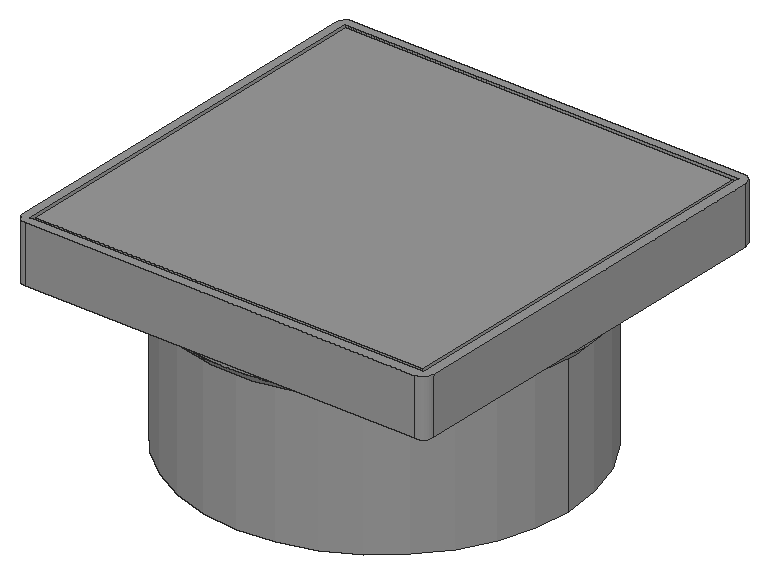
Revit family "HL_RU_Drainage and inspection chamber_HL635N-A-221005", category Instalační zařizovací předměty, Revit 2021
Family settings
  Kóta kulaté spojky = Použít průměr
  Typ dílu = Normální
  Číslo OmniClass = 23.70.50.21.24.14
  Nadpis OmniClass = Deck Waste Water Drains
  Založené na pracovní rovině = Ne
  Vždy vertikální = Ano
  Ořezat dutým tvarem při načtení = Ne
  Sdílené = Ne
  Bod výpočtu místnosti = Ano
Parameters (values of type "HL_Дренажный и инспекционный колодец для_HL635N")
  РЕШЁТКА = "Kunststoff 368x368mm"
  РАЗМЕР = "390x390x205mm"
  ПРОПУСКНАЯ СПОСОБНОСТЬ [instance] = 0.0 L/s
  ПРАВОВАЯ ИНФОРМАЦИЯ = "Авторские права(©), права на дизайн или какие либо другие права интелектуальной собственности являются исключительной собственностью компании HL Hutterer & Lechner. Изменению не подлежит. Файл семейства с данными о прозводителе изделия защищен паролем с водяным знаком."
  НОРМЫ = "EN1986-3/ EN1253-2"
  НОМИНАЛЬНЫЙ ДИАМЕТР = 350 mm
  МАТЕРИАЛ = "EPS/ PP"
  МАКСИМАЛЬНАЯ НАГРУЗКА КЛАССА = "K3 - max. 300kg"
  ВЫСОТА МОНТАЖА = "70 - 205mm"
  ВЕС = "2,45kg"
  Výrobce = "HL Hutterer & Lechner GmbH"
  URL = "http://www.hutterer-lechner.com/ru/products/catalog/roof-drains/HL635N.aspx"
  Материал плитка [instance] = none
  Přípoj ventilace = no
  Přípoj odpadních dílů = yes
  Přípoj HW = no
  Výchozí výška = 0 mm
  Přípoj CW = no
  Popis = "крыша"
  Model = "HL635N"
  Assembly Code = " "
  Komentáře k typům = "Дренажный и инспекционный колодец для \"зелёных\" и эксплуатируемых кровель и кровель с пригрузом из гравия, с пластиковым подрамником и пластиковой решёткой"
  Keynote = "HL635N"
  Высота монтажа [instance] = 205 mm
  G [instance] = 180.00°  # constant formula
  EAN = "9003076032228"
  D [instance] = Высота монтажа - 50 mm  # 155 mm
  C [instance] = 32 mm  # constant formula
  B [instance] = 50 mm  # constant formula
  A [instance] = if(B - 100 mm > 15 mm, B - 100 mm, 15 mm)  # 15 mm
Reference planes
  plane 1 "Center (Front/Back)": y = 0
  plane 2: z = 0
  plane 3 "Center (Left/Right)": x = 0
  plane 4: z = -50
  plane 5: z = -205
Lines and regions (mm)
  model lines, style "InvisibleLines"
    curve 1: line (0, 0, 0) -> (0, 0, 20)
  model lines, style "PlumbingFixtures", detail levels coarse+medium
    curve 2: line (0, 0, -50) -> (0, 0, -35)
    curve 3: line (0, 0, -35) -> (-35, 0, 0)
    curve 4: line (0, 0, -35) -> (35, 0, 0)
    curve 6: line (0, 0, -50) -> (0, 0, -205)
  reference lines, not visible
    curve 5: line (0, 0, -50) -> (0, 0, -205)
  symbolic lines, style "PlumbingFixtures", detail levels coarse+medium
    curve 7: line (-75, 75, 0) -> (75, 75, 0)
    curve 8: line (-75, -75, 0) -> (-75, 75, 0)
    curve 9: line (75, -75, 0) -> (-75, -75, 0)
    curve 10: line (75, 75, 0) -> (75, -75, 0)
    curve 11: line (-75, 75, 0) -> (-145.711, 145.711, 0)
    curve 12: line (75, 75, 0) -> (145.711, 145.711, 0)
    curve 13: line (-75, -75, 0) -> (-145.711, -145.711, 0)
    curve 14: line (75, -75, 0) -> (145.711, -145.711, 0)
  symbolic lines, style "PlumbingFixtures", not visible, detail levels coarse+medium
    curve 15: line (-75, 75, 0) -> (75, 75, 0)
    curve 16: line (-75, -75, 0) -> (-75, 75, 0)
    curve 17: line (75, -75, 0) -> (-75, -75, 0)
    curve 18: line (75, 75, 0) -> (75, -75, 0)
    curve 19: line (-75, 75, 0) -> (-145.711, 145.711, 0)
    curve 20: line (75, 75, 0) -> (145.711, 145.711, 0)
    curve 21: line (-75, -75, 0) -> (-145.711, -145.711, 0)
    curve 22: line (75, -75, 0) -> (145.711, -145.711, 0)
Text (mm)
  text "FLOOR" at (-162.344, 0, -10.979), in view "вид строительства"
Dimensions and locks
  "B": plane 2 to plane 4
  "Высота монтажа": plane 2 to plane 5
  "A": curve 4 to plane 4
  "D": curve 5 to curve 5
  "D": curve 6 to curve 6
  locked: curve 4 to plane 3 "Center (Left/Right)" (angle 45.00°)
  locked: plane 3 "Center (Left/Right)" to curve 3 (angle 45.00°)
  "G": angle curve 5 to plane 3 "Center (Left/Right)"
  aligned and locked: level to plane 2
  aligned and locked: plane 2 to curve 4
  aligned and locked: plane 2 to curve 3
  aligned and locked: plane 4 to curve 5
  aligned and locked: plane 3 "Center (Left/Right)" to curve 5
  aligned and locked: plane 4 to curve 2
  aligned and locked: curve 6 to plane 3 "Center (Left/Right)"
  aligned and locked: curve 6 to plane 4
  aligned and locked: plane 3 "Center (Left/Right)" to nested 2
  aligned and locked: plane 3 "Center (Left/Right)" to nested 1
  aligned and locked: nested 1 to plane 2
  aligned and locked: nested 2 to plane 2
Automatic sketch dimensions
  curve 2 to plane 3 "Center (Left/Right)" = 0 mm
  curve 1 to plane 3 "Center (Left/Right)" = 0 mm
  curve 1 to level = 0 mm
  level to curve 1 = 20 mm
Nested families
  nested 1: "HL-Дренажный и инспекционный колодец для-HL635N" at (0, 0, 0), Высота монтажа <- "Высота монтажа", type "HL-Дренажный и инспекционный колодец для-HL635N"
    with Высота монтажа минимум 70 mm, Высота монтажа максимум 205 mm, Высота монтажа 205 mm, Z 136 mm, Y 69 mm, X 205 mm
  nested 2: "HL-Пластиковая решётка-HL0635N.1" at (0, 0, 0), type "HL-Пластиковая решётка-HL0635N.1"
    with Пропускная способность 0.0 L/s
Connectors
  piping at (0, 0, -205), diameter 350, driven by "ПРОПУСКНАЯ СПОСОБНОСТЬ", driven by "НОМИНАЛЬНЫЙ ДИАМЕТР"
    settings: on curve 5, index 1, connector inside diameter 609.6 mm, connector length 0 mm, flow factor 0, pipe flow 0.0 L/s, pressure drop 0.0 Pa, fitting loss kfactor 0, connector angle 0.00°, fixture units 0, engagement length 0 mm, angle of deflection 0.00°, flow configuration 1, flow direction 2, fitting loss method 0, system type 16, joint type 0, gender type 0, connector reference index -1, connector utility 0, adjustable connector yes, is connector primary yes, connector description ""
Definition of nested family "HL-Дренажный и инспекционный колодец для-HL635N"
  Parameters (values of type "HL-Дренажный и инспекционный колодец для-HL635N")
    РЕШЁТКА = "Kunststoff 368x368mm"
    РАЗМЕР = "390x390x205mm"
    ПРАВОВАЯ ИНФОРМАЦИЯ = "Авторские права(©), права на дизайн или какие либо другие права интелектуальной собственности являются исключительной собственностью компании HL Hutterer & Lechner. Изменению не подлежит. Файл семейства с данными о прозводителе изделия защищен паролем с водяным знаком."
    НОРМЫ = "EN1986-3/ EN1253-2"
    МАТЕРИАЛ = "EPS/ PP"
    МАКСИМАЛЬНАЯ НАГРУЗКА КЛАССА = "K3 - max. 300kg"
    ВЫСОТА МОНТАЖА = "70 - 205mm"
    ВЕС = "2,45kg"
    Z [instance] = X - 69 mm  # 136 mm
    Y [instance] = 69 mm  # constant formula
    X [instance] = if(Высота монтажа > Высота монтажа максимум, -10 mm, if(Высота монтажа < Высота монтажа минимум, -10 mm, Высота монтажа))  # 205 mm
    Height = 0 mm
    Manufacturer = "HL Hutterer & Lechner GmbH"
    URL = "http://www.hutterer-lechner.com/ru/products/catalog/roof-drains/HL635N.aspx"
    Высота монтажа [instance] = 205 mm
    Keynote = "HL635N"
    Высота монтажа минимум [instance] = 70 mm
    Высота монтажа максимум [instance] = 205 mm
    Description = "крыша"
    Model = "HL635N"
    Type Comments = "Дренажный и инспекционный колодец для \"зелёных\" и эксплуатируемых кровель и кровель с пригрузом из гравия, с пластиковым подрамником и пластиковой решёткой"
    Default Elevation = 0 mm
    EAN = "9003076032228"
    Cost = 0
  Reference planes
    plane 1 "Střed (vpředu/vzadu)": y = 0
    plane 2: z = 0
    plane 3 "Střed (vlevo/vpravo)": x = 0
    plane 4: z = -205
    plane 5: z = -53.5
    plane 6: z = -69
    plane 7: z = -26.095
  Forms (mm)
    Extrusion 1, solid, detail levels fine
      sketch origin (0, 0, 0) x (1, 0, 0) y (0, 1, 0)
        loop
          line (-187.002, 187.005) -> (-187.002, -186.995) -> (186.998, -186.995) -> (186.998, 187.005) -> (-187.002, 187.005)
        loop
          arc (-195.002, -184.995) -> (-192.073, -192.066) -> (-185.002, -194.995) r 10
          line (-185.002, -194.995) -> (184.998, -194.995)
          arc (184.998, -194.995) -> (192.069, -192.066) -> (194.998, -184.995) r 10
          line (194.998, -184.995) -> (194.998, 185.005)
          arc (194.998, 185.005) -> (192.069, 192.076) -> (184.998, 195.005) r 10
          line (184.998, 195.005) -> (-185.002, 195.005)
          arc (-185.002, 195.005) -> (-192.073, 192.076) -> (-195.002, 185.005) r 10
          line (-195.002, 185.005) -> (-195.002, -184.995)
      from -53.5 to 0
    Revolve 2, solid, detail levels fine
      sketch origin (-71, 0, -288.3) x (0, 0, 1) y (-1, 0, 0)
        loop
          line (219.415, 110.627) -> (219.415, 104) -> (83.3, 104) -> (83.3, 89) -> (229.138, 89) -> (229.138, 85.301) -> (234.8, 85.301) -> (234.8, 119.6) -> (228.387, 119.6) -> (219.415, 110.627)
        axis (234.8, -71) -> (83.3, -71)
      angle from 0 to 360
    Extrusion 3, solid, detail levels fine
      sketch origin (0, 0, 0) x (1, 0, 0) y (0, 1, 0)
        loop
          arc (-187.002, 36.861) -> (-134.768, 134.781) -> (-36.843, 187.005) r 190.6
          line (-36.843, 187.005) -> (-187.002, 187.005) -> (-187.002, 36.861)
        loop
          arc (36.843, 187.005) -> (134.762, 134.787) -> (186.998, 36.877) r 190.6
          line (186.998, 36.877) -> (186.998, 187.005) -> (36.843, 187.005)
        loop
          arc (-36.895, -186.995) -> (-134.787, -134.762) -> (-187.002, -36.861) r 190.6
          line (-187.002, -36.861) -> (-187.002, -186.995) -> (-36.895, -186.995)
        loop
          line (186.998, -186.995) -> (186.998, -36.877)
          arc (186.998, -36.877) -> (134.781, -134.768) -> (36.895, -186.995) r 190.6
          line (36.895, -186.995) -> (186.998, -186.995)
      from -53.5 to -38.5
    Extrusion 4, solid, detail levels fine
      sketch origin (0, 0, 0) x (1, 0, 0) y (0, 1, 0)
        loop
          circle (-149.584, 149.625) r 3.6
      from -38.5 to -26.095
    Extrusion 5, solid, detail levels fine
      sketch origin (0, 0, 0) x (-1, 0, 0) y (0, -1, 0)
        loop
          circle (-149.584, -149.625) r 3.6
      from -38.5 to -26.095
    Extrusion 6, solid, detail levels fine
      sketch origin (0, 0, 0) x (-1, 0, 0) y (0, -1, 0)
        loop
          circle (-149.584, 149.625) r 3.6
      from -38.5 to -26.095
    Extrusion 7, solid, detail levels fine
      sketch origin (0, 0, 0) x (1, 0, 0) y (0, 1, 0)
        loop
          circle (-149.584, -149.625) r 3.6
      from -38.5 to -26.095
  Dimensions and locks
    Extrusion 1 sketch curve to Extrusion 1 sketch curve to plane 3 "Střed (vlevo/vpravo)" to Extrusion 1 sketch curve to Extrusion 1 sketch curve = 8 mm locked, 187.002 mm locked, 186.998 mm locked, 8 mm locked
    Extrusion 1 sketch curve to Extrusion 1 sketch curve to plane 1 "Střed (vpředu/vzadu)" to Extrusion 1 sketch curve to Extrusion 1 sketch curve = 8 mm locked, 186.995 mm locked, 187.005 mm locked, 8 mm locked
    locked: plane 2 to plane 5 at 53.5
    Revolve 2 sketch curve to Revolve 2 sketch curve to Revolve 2 sketch curve = 15 mm locked, 160 mm locked
    plane 2 to Revolve 2 sketch curve to Revolve 2 sketch curve = 53.5 mm locked, 15.385 mm locked
    equal spacing: plane 2, Revolve 2 sketch curve, Revolve 2 sketch curve
    "Y": plane 2 to plane 6
    "Z": plane 6 to plane 4
    locked: Extrusion 3 to plane 5 at 15
    locked: plane 2 to plane 7 at 26.095
    radius of Extrusion 1 sketch curve = 10 mm  (x4)
    aligned and locked: level to plane 2
    aligned and locked: plane 2 to Extrusion 1
    aligned and locked: Revolve 2 sketch curve to plane 3 "Střed (vlevo/vpravo)"
    aligned and locked: plane 4 to Revolve 2
    aligned and locked: plane 5 to Extrusion 1
    aligned and locked: plane 6 to Revolve 2
    aligned and locked: Revolve 2 to plane 6
    aligned and locked: Extrusion 1 to Extrusion 3 sketch curve  (x4)
    aligned and locked: Extrusion 3 sketch curve to Extrusion 1  (x4)
    aligned and locked: Extrusion 1 to Extrusion 3
    aligned and locked: Extrusion 4 to Extrusion 3
    aligned and locked: plane 7 to Extrusion 7
    aligned and locked: Extrusion 7 to Extrusion 3
    aligned and locked: Extrusion 6 to Extrusion 3
    aligned and locked: Extrusion 5 to Extrusion 3
    aligned and locked: plane 7 to Extrusion 6
    aligned and locked: plane 7 to Extrusion 5
  Automatic sketch dimensions
    Extrusion 3 sketch curve to Extrusion 3 sketch curve = 0 mm  (x12)
    plane 1 "Střed (vpředu/vzadu)" to Extrusion 3 sketch curve = 0 mm
    Extrusion 3 sketch curve to plane 3 "Střed (vlevo/vpravo)" = 0 mm
    Extrusion 3 sketch curve to plane 3 "Střed (vlevo/vpravo)" = 36.895 mm
    Extrusion 3 sketch curve to plane 3 "Střed (vlevo/vpravo)" = 36.843 mm
    plane 3 "Střed (vlevo/vpravo)" to Extrusion 3 sketch curve = 36.843 mm
    plane 3 "Střed (vlevo/vpravo)" to Extrusion 3 sketch curve = 36.895 mm
    Extrusion 4 sketch curve to plane 3 "Střed (vlevo/vpravo)" = 149.584 mm
    Extrusion 4 sketch curve to plane 1 "Střed (vpředu/vzadu)" = 149.625 mm
    Extrusion 5 sketch curve to plane 3 "Střed (vlevo/vpravo)" = 149.584 mm
    plane 1 "Střed (vpředu/vzadu)" to Extrusion 5 sketch curve = 149.625 mm
    plane 3 "Střed (vlevo/vpravo)" to Extrusion 6 sketch curve = 149.584 mm
    plane 1 "Střed (vpředu/vzadu)" to Extrusion 6 sketch curve = 149.625 mm
    plane 3 "Střed (vlevo/vpravo)" to Extrusion 7 sketch curve = 149.584 mm
    Extrusion 7 sketch curve to plane 1 "Střed (vpředu/vzadu)" = 149.625 mm
    Revolve 2 sketch curve to plane 4 = 0 mm  (x2)
    Revolve 2 sketch curve to plane 5 = 0 mm
    Revolve 2 sketch curve to Revolve 2 sketch curve = 6.413 mm
    Revolve 2 sketch curve to Revolve 2 sketch curve = 5.662 mm
    Revolve 2 sketch curve to Revolve 2 sketch curve = 3.699 mm
    Revolve 2 sketch curve to Revolve 2 sketch curve = 6.627 mm
    Revolve 2 sketch curve to Revolve 2 sketch curve = 8.973 mm
    radius of Extrusion 4 sketch curve = 3.6 mm
    radius of Extrusion 5 sketch curve = 3.6 mm
    radius of Extrusion 6 sketch curve = 3.6 mm
    radius of Extrusion 7 sketch curve = 3.6 mm
Definition of nested family "HL-Пластиковая решётка-HL0635N.1"
  Parameters (values of type "HL-Пластиковая решётка-HL0635N.1")
    РАЗМЕР = "368x368mm"
    ПРАВОВАЯ ИНФОРМАЦИЯ = "Авторские права(©), права на дизайн или какие либо другие права интелектуальной собственности являются исключительной собственностью компании HL Hutterer & Lechner. Изменению не подлежит. Файл семейства с данными о прозводителе изделия защищен паролем с водяным знаком."
    НОРМЫ = "EN1986-3/ EN1253-2"
    МАТЕРИАЛ = "PP"
    МАКСИМАЛЬНАЯ НАГРУЗКА КЛАССА = "K3 - max. 300kg"
    ВЕС = "0,88kg"
    Height = 0 mm
    Manufacturer = "HL Hutterer & Lechner GmbH"
    URL = "http://www.hutterer-lechner.com/ru/products/catalog/roof-drains/HL0635N.1.aspx"
    Материал плитка = none
    Description = "крыша"
    Model = "HL0635N.1"
    Type Comments = "Пластиковая решётка для дренажного и инспекционного колодца HL635N(.0)"
    Keynote = "HL0635N.1"
    Пропускная способность [instance] = 0.0 L/s
    Default Elevation = 0 mm
    EAN = "9003076006175"
    Cost = 0
  Reference planes
    plane 1 "Střed (vpředu/vzadu)": y = 0
    plane 2: z = 0
    plane 3 "Střed (vlevo/vpravo)": x = 0
    plane 4: z = -24.7
  Forms (mm)
    Extrusion 1, solid, detail levels fine
      sketch origin (0, 0, 0) x (1, 0, 0) y (0, 1, 0)
        loop
          line (-183.783, -183.783) -> (183.783, -183.783) -> (183.783, 183.783) -> (-183.783, 183.783) -> (-183.783, -183.783)
      from -24.7 to 0
  Lines and regions (mm)
    model lines, detail levels fine
      curve 1: circle (-149.565, 149.614, 0) r 3.478 normal (0, 0, 1)
      curve 2: circle (149.565, 149.614, 0) r 3.478 normal (0, 0, -1)
      curve 3: circle (149.565, -149.614, 0) r 3.478 normal (0, 0, 1)
      curve 4: circle (-149.565, -149.614, 0) r 3.478 normal (0, 0, -1)
      curve 5: arc (-12.691, 32.511, 0) -> (-24.678, 24.678, 0) -> (-32.511, 12.691, 0) r 34.9
      curve 6: arc (-16.291, 41.733, 0) -> (-31.678, 31.678, 0) -> (-41.733, 16.291, 0) r 44.8
      curve 7: arc (-32.511, 12.691, 0) -> (-38.852, 10.06, 0) -> (-41.733, 16.291, 0) r 4.954
      curve 8: arc (-12.691, 32.511, 0) -> (-10.06, 38.852, 0) -> (-16.291, 41.733, 0) r 4.954
      curve 9: arc (12.691, 32.511, 0) -> (24.678, 24.678, 0) -> (32.511, 12.691, 0) r 34.9
      curve 10: arc (16.291, 41.733, 0) -> (31.678, 31.678, 0) -> (41.733, 16.291, 0) r 44.8
      curve 11: arc (32.511, 12.691, 0) -> (38.852, 10.06, 0) -> (41.733, 16.291, 0) r 4.954
      curve 12: arc (12.691, 32.511, 0) -> (10.06, 38.852, 0) -> (16.291, 41.733, 0) r 4.954
      curve 13: arc (12.691, -32.511, 0) -> (24.678, -24.678, 0) -> (32.511, -12.691, 0) r 34.9
      curve 14: arc (16.291, -41.733, 0) -> (31.678, -31.678, 0) -> (41.733, -16.291, 0) r 44.8
      curve 15: arc (32.511, -12.691, 0) -> (38.852, -10.06, 0) -> (41.733, -16.291, 0) r 4.954
      curve 16: arc (12.691, -32.511, 0) -> (10.06, -38.852, 0) -> (16.291, -41.733, 0) r 4.954
      curve 17: arc (-12.691, -32.511, 0) -> (-24.678, -24.678, 0) -> (-32.511, -12.691, 0) r 34.9
      curve 18: arc (-16.291, -41.733, 0) -> (-31.678, -31.678, 0) -> (-41.733, -16.291, 0) r 44.8
      curve 19: arc (-32.511, -12.691, 0) -> (-38.852, -10.06, 0) -> (-41.733, -16.291, 0) r 4.954
      curve 20: arc (-12.691, -32.511, 0) -> (-10.06, -38.852, 0) -> (-16.291, -41.733, 0) r 4.954
      curve 21: arc (-13.725, 59.188, 0) -> (-42.963, 42.963, 0) -> (-59.188, 13.725, 0) r 60.758
      curve 22: arc (-16.409, 67.766, 0) -> (-49.541, 49.063, 0) -> (-67.922, 15.75, 0) r 69.724
      curve 23: arc (-59.188, 13.725, 0) -> (-64.499, 10.668, 0) -> (-67.922, 15.75, 0) r 4.494
      curve 24: arc (-13.725, 59.188, 0) -> (-10.757, 64.825, 0) -> (-16.409, 67.766, 0) r 4.494
      curve 25: arc (13.725, 59.188, 0) -> (42.963, 42.963, 0) -> (59.188, 13.725, 0) r 60.758
      curve 26: arc (16.409, 67.766, 0) -> (49.541, 49.063, 0) -> (67.922, 15.75, 0) r 69.724
      curve 27: arc (59.188, 13.725, 0) -> (64.499, 10.668, 0) -> (67.922, 15.75, 0) r 4.494
      curve 28: arc (13.725, 59.188, 0) -> (10.757, 64.825, 0) -> (16.409, 67.766, 0) r 4.494
      curve 29: arc (13.725, -59.188, 0) -> (42.963, -42.963, 0) -> (59.188, -13.725, 0) r 60.758
      curve 30: arc (16.409, -67.766, 0) -> (49.541, -49.063, 0) -> (67.922, -15.75, 0) r 69.724
      curve 31: arc (59.188, -13.725, 0) -> (64.499, -10.668, 0) -> (67.922, -15.75, 0) r 4.494
      curve 32: arc (13.725, -59.188, 0) -> (10.757, -64.825, 0) -> (16.409, -67.766, 0) r 4.494
      curve 33: arc (-13.725, -59.188, 0) -> (-42.963, -42.963, 0) -> (-59.188, -13.725, 0) r 60.758
      curve 34: arc (-16.409, -67.766, 0) -> (-49.541, -49.063, 0) -> (-67.922, -15.75, 0) r 69.724
      curve 35: arc (-59.188, -13.725, 0) -> (-64.499, -10.668, 0) -> (-67.922, -15.75, 0) r 4.494
      curve 36: arc (-13.725, -59.188, 0) -> (-10.757, -64.825, 0) -> (-16.409, -67.766, 0) r 4.494
      curve 37: arc (40.98, 79.726, 0) -> (0.282, 89.641, 0) -> (-40.477, 79.983, 0) r 89.642
      curve 38: arc (45.525, 88.57, 0) -> (0, 99.585, 0) -> (-45.525, 88.57, 0) r 99.585
      curve 39: arc (-40.477, 79.983, 0) -> (-47.281, 81.76, 0) -> (-45.525, 88.57, 0) r 4.98
      curve 40: arc (40.98, 79.726, 0) -> (47.417, 82.008, 0) -> (45.525, 88.57, 0) r 4.98
      curve 41: arc (79.726, 40.98, 0) -> (89.641, 0.282, 0) -> (79.983, -40.477, 0) r 89.642
      curve 42: arc (88.57, 45.525, 0) -> (99.585, 0, 0) -> (88.57, -45.525, 0) r 99.585
      curve 43: arc (79.983, -40.477, 0) -> (81.76, -47.281, 0) -> (88.57, -45.525, 0) r 4.98
      curve 44: arc (79.726, 40.98, 0) -> (82.008, 47.417, 0) -> (88.57, 45.525, 0) r 4.98
      curve 45: arc (-40.98, -79.726, 0) -> (-0.282, -89.641, 0) -> (40.477, -79.983, 0) r 89.642
      curve 46: arc (-45.525, -88.57, 0) -> (0, -99.585, 0) -> (45.525, -88.57, 0) r 99.585
      curve 47: arc (40.477, -79.983, 0) -> (47.281, -81.76, 0) -> (45.525, -88.57, 0) r 4.98
      curve 48: arc (-40.98, -79.726, 0) -> (-47.417, -82.008, 0) -> (-45.525, -88.57, 0) r 4.98
      curve 49: arc (-79.726, -40.98, 0) -> (-89.641, -0.282, 0) -> (-79.983, 40.477, 0) r 89.642
      curve 50: arc (-88.57, -45.525, 0) -> (-99.585, 0, 0) -> (-88.57, 45.525, 0) r 99.585
      curve 51: arc (-79.983, 40.477, 0) -> (-81.76, 47.281, 0) -> (-88.57, 45.525, 0) r 4.98
      curve 52: arc (-79.726, -40.98, 0) -> (-82.008, -47.417, 0) -> (-88.57, -45.525, 0) r 4.98
      curve 53: arc (73.852, 113.009, 0) -> (0, 135, 0) -> (-73.852, 113.009, 0) r 135
      curve 54: arc (79.322, 121.38, 0) -> (0, 145, 0) -> (-79.322, 121.38, 0) r 145
      curve 55: arc (-73.852, 113.009, 0) -> (-80.418, 114.69, 0) -> (-79.322, 121.38, 0) r 5.02
      curve 56: arc (73.852, 113.009, 0) -> (80.418, 114.69, 0) -> (79.322, 121.38, 0) r 5.02
      curve 57: arc (113.009, 73.852, 0) -> (135, 0, 0) -> (113.009, -73.852, 0) r 135
      curve 58: arc (121.38, 79.322, 0) -> (145, 0, 0) -> (121.38, -79.322, 0) r 145
      curve 59: arc (113.009, -73.852, 0) -> (114.69, -80.418, 0) -> (121.38, -79.322, 0) r 5.02
      curve 60: arc (113.009, 73.852, 0) -> (114.69, 80.418, 0) -> (121.38, 79.322, 0) r 5.02
      curve 61: arc (-73.852, -113.009, 0) -> (0, -135, 0) -> (73.852, -113.009, 0) r 135
      curve 62: arc (-79.322, -121.38, 0) -> (0, -145, 0) -> (79.322, -121.38, 0) r 145
      curve 63: arc (73.852, -113.009, 0) -> (80.418, -114.69, 0) -> (79.322, -121.38, 0) r 5.02
      curve 64: arc (-73.852, -113.009, 0) -> (-80.418, -114.69, 0) -> (-79.322, -121.38, 0) r 5.02
      curve 65: arc (-113.009, -73.852, 0) -> (-135, 0, 0) -> (-113.009, 73.852, 0) r 135
      curve 66: arc (-121.38, -79.322, 0) -> (-145, 0, 0) -> (-121.38, 79.322, 0) r 145
      curve 67: arc (-113.009, 73.852, 0) -> (-114.69, 80.418, 0) -> (-121.38, 79.322, 0) r 5.02
      curve 68: arc (-113.009, -73.852, 0) -> (-114.69, -80.418, 0) -> (-121.38, -79.322, 0) r 5.02
      curve 69: arc (-13.2, 163.805, 0) -> (-116.203, 116.203, 0) -> (-163.805, 13.2, 0) r 164.336
      curve 70: arc (-13.997, 173.698, 0) -> (-123.221, 123.221, 0) -> (-173.698, 13.997, 0) r 174.261
      curve 71: arc (-163.805, 13.2, 0) -> (-169.067, 9.677, 0) -> (-173.698, 13.997, 0) r 5.098
      curve 72: arc (-13.2, 163.805, 0) -> (-9.677, 169.067, 0) -> (-13.997, 173.698, 0) r 5.098
      curve 73: arc (13.2, 163.805, 0) -> (116.203, 116.203, 0) -> (163.805, 13.2, 0) r 164.336
      curve 74: arc (13.997, 173.698, 0) -> (123.221, 123.221, 0) -> (173.698, 13.997, 0) r 174.261
      curve 75: arc (163.805, 13.2, 0) -> (169.067, 9.677, 0) -> (173.698, 13.997, 0) r 5.098
      curve 76: arc (13.2, 163.805, 0) -> (9.677, 169.067, 0) -> (13.997, 173.698, 0) r 5.098
      curve 77: arc (13.2, -163.805, 0) -> (116.203, -116.203, 0) -> (163.805, -13.2, 0) r 164.336
      curve 78: arc (13.997, -173.698, 0) -> (123.221, -123.221, 0) -> (173.698, -13.997, 0) r 174.261
      curve 79: arc (163.805, -13.2, 0) -> (169.067, -9.677, 0) -> (173.698, -13.997, 0) r 5.098
      curve 80: arc (13.2, -163.805, 0) -> (9.677, -169.067, 0) -> (13.997, -173.698, 0) r 5.098
      curve 81: arc (-13.2, -163.805, 0) -> (-116.203, -116.203, 0) -> (-163.805, -13.2, 0) r 164.336
      curve 82: arc (-13.997, -173.698, 0) -> (-123.221, -123.221, 0) -> (-173.698, -13.997, 0) r 174.261
      curve 83: arc (-163.805, -13.2, 0) -> (-169.067, -9.677, 0) -> (-173.698, -13.997, 0) r 5.098
      curve 84: arc (-13.2, -163.805, 0) -> (-9.677, -169.067, 0) -> (-13.997, -173.698, 0) r 5.098
      curve 85: arc (-98.587, 162.421, 0) -> (-134.35, 134.35, 0) -> (-162.421, 98.587, 0) r 190
      curve 86: arc (-103.776, 170.969, 0) -> (-141.421, 141.421, 0) -> (-170.969, 103.776, 0) r 200
      curve 87: arc (-162.421, 98.587, 0) -> (-168.96, 97.45, 0) -> (-170.969, 103.776, 0) r 5.046
      curve 88: arc (-98.587, 162.421, 0) -> (-97.45, 168.96, 0) -> (-103.776, 170.969, 0) r 5.046
      curve 89: arc (98.587, 162.421, 0) -> (134.35, 134.35, 0) -> (162.421, 98.587, 0) r 190
      curve 90: arc (103.776, 170.969, 0) -> (141.421, 141.421, 0) -> (170.969, 103.776, 0) r 200
      curve 91: arc (162.421, 98.587, 0) -> (168.96, 97.45, 0) -> (170.969, 103.776, 0) r 5.046
      curve 92: arc (98.587, 162.421, 0) -> (97.45, 168.96, 0) -> (103.776, 170.969, 0) r 5.046
      curve 93: arc (98.587, -162.421, 0) -> (134.35, -134.35, 0) -> (162.421, -98.587, 0) r 190
      curve 94: arc (103.776, -170.969, 0) -> (141.421, -141.421, 0) -> (170.969, -103.776, 0) r 200
      curve 95: arc (162.421, -98.587, 0) -> (168.96, -97.45, 0) -> (170.969, -103.776, 0) r 5.046
      curve 96: arc (98.587, -162.421, 0) -> (97.45, -168.96, 0) -> (103.776, -170.969, 0) r 5.046
      curve 97: arc (-98.587, -162.421, 0) -> (-134.35, -134.35, 0) -> (-162.421, -98.587, 0) r 190
      curve 98: arc (-103.776, -170.969, 0) -> (-141.421, -141.421, 0) -> (-170.969, -103.776, 0) r 200
      curve 99: arc (-162.421, -98.587, 0) -> (-168.96, -97.45, 0) -> (-170.969, -103.776, 0) r 5.046
      curve 100: arc (-98.587, -162.421, 0) -> (-97.45, -168.96, 0) -> (-103.776, -170.969, 0) r 5.046
  Dimensions and locks
    Extrusion 1 sketch curve to plane 3 "Střed (vlevo/vpravo)" to Extrusion 1 sketch curve = 183.783 mm locked, 183.783 mm locked
    Extrusion 1 sketch curve to plane 1 "Střed (vpředu/vzadu)" to Extrusion 1 sketch curve = 183.783 mm locked, 183.783 mm locked
    locked: plane 2 to plane 4 at 24.7
    aligned and locked: level to plane 2
    aligned and locked: Extrusion 1 to plane 4
    aligned and locked: plane 2 to Extrusion 1
